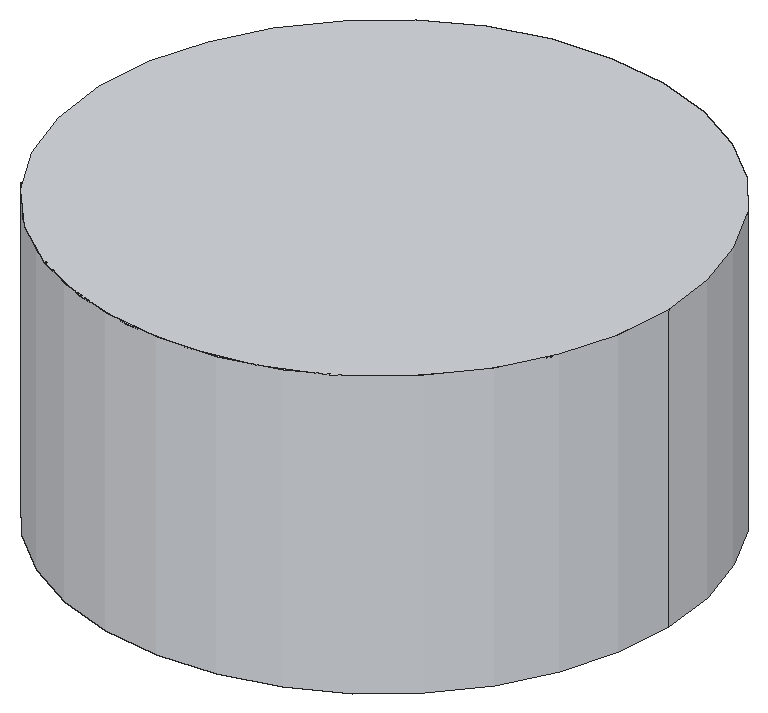
Revit family "08763000", category Specialty Equipment, Revit 2024
Family settings
  Round Connector Dimension = Use Diameter
  Part Type = Normal
  OmniClass Number = 23.40.40.00
  OmniClass Title = Food Service Equipment and Furnishings
  Work Plane-Based = No
  Enable Cutting in Views = Yes
  Always vertical = Yes
  Cut with Voids When Loaded = No
  Maintain Annotation Orientation = No
  Shared = No
  Room Calculation Point = No
Parameters (values of type "Standard")
  URL = "https://www.rustfriebergh.no/produkter/varmeplater-2/rbvp-um"
  SoveliaConnected = yes
  Revision description = "Sjekket klarig mellom varmefordelingsplate og utv. sarg"
  Revision Number = "A"
  Part Number = "08763000"
  Original Part Number = 8700004
  Model = "09763000"
  Manufacturer = "Rustfriebergh AS"
  LastSavedTimestamp = "22.05.2023"
  LastSavedByUser = "MichaelR"
  Designer = "GeirG"
  Design State = 1
  Description = "Varmeplate RBVP-UM-3GN"
  Default Elevation = 0 mm
  Creation Date = "26.04.2011"
  Author = "GeirG"
  3D-Driven = yes
Reference planes
  plane 1 "Center (Front/Back)": y = 0
  plane 2: z = 0
  plane 3 "Center (Left/Right)": x = 0
Forms (mm)
  Extrusion 1, solid
    sketch origin (274.027, -273.169, 870.366) x (1, 0, 0) y (0, 1, 0)
      loop
        circle (0, 0) r 3.048
    from 0 to -3.048
Dimensions and locks
  aligned and locked: level to plane 2
Connectors
  electrical at (274.027, -273.169, 870.366)
    settings: on Extrusion 1, index 1, voltage 230 V, apparent load 1200 VA, apparent load phase1 0 VA, apparent load phase2 0 VA, apparent load phase3 0 VA, power factor 0, load classification "Other", number of poles 1, system type 30, power factor state 1, is connector primary yes, connector utility no, sub classification motor no, connector description "Strømart"
